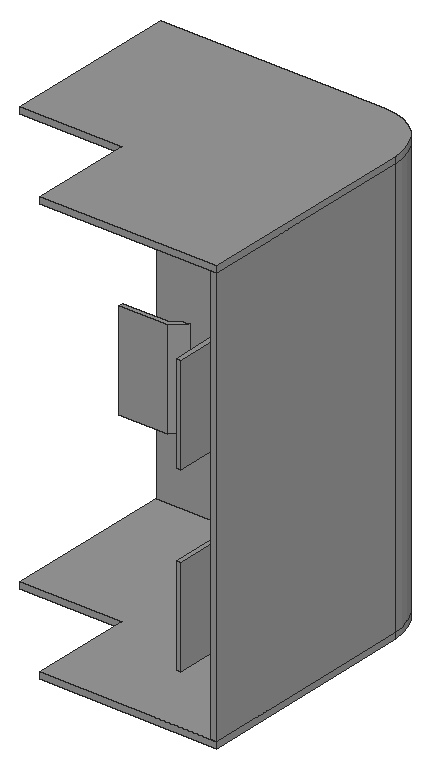
Revit family "Außeneckhaube WDK HA 60150RW", category Generic Models, Revit 2017
Family settings
  Can host rebar = No
  Round Connector Dimension = Use Diameter
  Part Type = Normal
  Work Plane-Based = No
  Always vertical = Yes
  Cut with Voids When Loaded = No
  Shared = No
  Room Calculation Point = No
Parameters (values of type "WDK HA60150RW")
  URL = "http://www.obo-bettermann.com"
  Material = Polyvinylchlorid
  Manufacturer Art.No. = "6192351"
  Manufacturer = "OBO BETTERMANN"
  GTIN = "4012196492312"
  Article Type = "WDK HA60150RW"
Reference planes
  plane 1 "Center (Front/Back)": y = 0
  plane 2: z = 0
  plane 3 "Center (Left/Right)": x = 0
  plane 4: y = 100
  plane 5: x = 100
  plane 6: z = 155
  plane 7: z = 152.8
  plane 8: z = 77.5
  plane 9: y = 100
  plane 10: x = 100
  plane 11: y = 95.3
  plane 12: x = 7
  plane 13: x = -10.178
  plane 14: z = 92.5
  plane 15: z = 62.5
  plane 16: z = 127.5
  plane 17: y = 95.3
  plane 18: x = 7
  plane 19: x = -10.178
  plane 20: through (0, 0, 1200) normal (-0.7071, 0.7071, 0)
  plane 21: x = 95.3
  plane 22: y = 7
  plane 23: y = -10.178
  plane 24: x = 95.3
  plane 25: y = 7
  plane 26: y = -10.178
Forms (mm)
  Extrusion 1, solid, material "Polyvinylchlorid" <- "Material"
    sketch origin (0, 0, 0) x (1, 0, 0) y (0, 1, 0)
      loop
        line (0, 100) -> (0, 36.6) -> (36.6, 36.6) -> (36.6, 0) -> (100, 0) -> (100, 80)
        arc (100, 80) -> (94.142, 94.142) -> (80, 100) r 20
        line (80, 100) -> (0, 100)
    from 152.8 to 155
  Extrusion 2, solid, material "Polyvinylchlorid" <- "Material"
    sketch origin (0, 0, -152.8) x (0, -1, 0) y (1, 0, 0)
      loop
        line (-100, 0) -> (-36.6, 0) -> (-36.6, 36.6) -> (0, 36.6) -> (0, 100) -> (-80, 100)
        arc (-80, 100) -> (-94.142, 94.142) -> (-100, 80) r 20
        line (-100, 80) -> (-100, 0)
    from 152.8 to 155
  Extrusion 3, solid, material "Polyvinylchlorid" <- "Material"
    sketch origin (0, 0, 0) x (1, 0, 0) y (0, 1, 0)
      loop
        line (0, 100) -> (0, 97.8) -> (80, 97.8)
        arc (80, 97.8) -> (92.587, 92.587) -> (97.8, 80) r 17.8
        line (97.8, 80) -> (97.8, 0) -> (100, 0) -> (100, 80)
        arc (100, 80) -> (94.142, 94.142) -> (80, 100) r 20
        line (80, 100) -> (0, 100)
    from 2.2 to 152.8
  Extrusion 4, solid, material "Polyvinylchlorid" <- "Material"
    sketch origin (0, 0, 0) x (1, 0, 0) y (0, 1, 0)
      loop
        line (6.956, 95.3) -> (-10.178, 95.3) -> (-10.178, 93.6) -> (7.642, 93.6) -> (11.842, 97.8) -> (9.522, 97.8) -> (6.956, 95.3)
    from 92.5 to 127.5
  Extrusion 5, solid, material "Polyvinylchlorid" <- "Material"
    sketch origin (0, 0, -30) x (0, -1, 0) y (1, 0, 0)
      loop
        line (-95.3, 6.956) -> (-95.3, -10.178) -> (-93.6, -10.178) -> (-93.6, 7.642) -> (-97.8, 11.842) -> (-97.8, 9.522) -> (-95.3, 6.956)
    from 92.5 to 57.5
  Extrusion 6, solid, material "Polyvinylchlorid" <- "Material"
    sketch origin (0, 0, 0) x (0, 1, 0) y (-1, 0, 0)
      loop
        line (6.956, -95.3) -> (9.522, -97.8) -> (11.842, -97.8) -> (7.642, -93.6) -> (-10.178, -93.6) -> (-10.178, -95.3) -> (6.956, -95.3)
    from 92.5 to 127.5
  Extrusion 7, solid, material "Polyvinylchlorid" <- "Material"
    sketch origin (0, 0, -30) x (1, 0, 0) y (0, 1, 0)
      loop
        line (95.3, 6.956) -> (97.8, 9.522) -> (97.8, 11.842) -> (93.6, 7.642) -> (93.6, -10.178) -> (95.3, -10.178) -> (95.3, 6.956)
    from 92.5 to 57.5
Dimensions and locks
  locked: Extrusion 1 sketch curve to Extrusion 1 sketch curve at 100  (x2)
  locked: Extrusion 1 sketch curve to Extrusion 1 sketch curve at 63.4  (x2)
  locked: plane 6 to level at 155
  locked: plane 6 to plane 8 at 77.5
  locked: Extrusion 2 sketch curve to Extrusion 2 sketch curve at 100  (x2)
  locked: Extrusion 2 sketch curve to Extrusion 2 sketch curve at 63.4  (x2)
  locked: Extrusion 3 sketch curve to Extrusion 1 at 2.2  (x2)
  locked: plane 11 to Extrusion 3 at 2.5
  locked: plane 13 to Extrusion 4 sketch curve at 19.7
  locked: Extrusion 4 sketch curve to Extrusion 4 sketch curve at 1.7
  locked: Extrusion 4 to Extrusion 4 at 35
  locked: plane 19 to Extrusion 5 sketch curve at 19.7
  locked: Extrusion 5 sketch curve to Extrusion 5 sketch curve at 1.7
  locked: Extrusion 5 to Extrusion 5 at 35
  locked: plane 23 to Extrusion 6 sketch curve at 19.7
  locked: Extrusion 6 sketch curve to Extrusion 6 sketch curve at 1.7
  locked: Extrusion 6 to Extrusion 6 at 35
  locked: plane 26 to Extrusion 7 sketch curve at 19.7
  locked: Extrusion 7 sketch curve to Extrusion 7 sketch curve at 1.7
  locked: Extrusion 7 to Extrusion 7 at 35
  aligned and locked: level to plane 2
  aligned and locked: plane 1 "Center (Front/Back)" to Extrusion 1
  aligned and locked: Extrusion 1 to plane 3 "Center (Left/Right)"
  aligned and locked: plane 6 to Extrusion 1
  aligned and locked: Extrusion 1 to plane 7
  aligned and locked: Extrusion 2 to level
  aligned and locked: Extrusion 2 to plane 3 "Center (Left/Right)"
  aligned and locked: plane 1 "Center (Front/Back)" to Extrusion 3 sketch curve
  aligned and locked: Extrusion 3 to plane 3 "Center (Left/Right)"
  aligned and locked: plane 1 "Center (Front/Back)" to Extrusion 3
  aligned and locked: Extrusion 3 to Extrusion 1
  aligned and locked: Extrusion 3 to Extrusion 2
  aligned and locked: plane 11 to Extrusion 4 sketch curve
  aligned and locked: Extrusion 4 sketch curve to plane 13
  aligned and locked: Extrusion 4 to Extrusion 3
  aligned and locked: Extrusion 4 to plane 14
  aligned and locked: plane 16 to Extrusion 4
  aligned and locked: Extrusion 5 sketch curve to plane 17
  aligned and locked: Extrusion 5 sketch curve to plane 19
  aligned and locked: Extrusion 5 to plane 15
  aligned and locked: Extrusion 4 to Extrusion 5
  aligned and locked: Extrusion 5 to Extrusion 4
  aligned and locked: Extrusion 6 sketch curve to plane 21
  aligned and locked: plane 23 to Extrusion 6 sketch curve
  aligned and locked: plane 24 to Extrusion 7 sketch curve
  aligned and locked: Extrusion 7 sketch curve to plane 26
  aligned and locked: plane 15 to Extrusion 7
  aligned and locked: Extrusion 6 to Extrusion 7  (x2)
Automatic sketch dimensions
  Extrusion 1 sketch curve to plane 3 "Center (Left/Right)" = 0 mm
  Extrusion 1 sketch curve to plane 4 = 0 mm
  Extrusion 1 sketch curve to plane 5 = 20 mm
  Extrusion 2 sketch curve to plane 9 = 0 mm
  Extrusion 2 sketch curve to plane 10 = 0 mm
  Extrusion 2 sketch curve to Extrusion 2 sketch curve = 20 mm
  Extrusion 3 sketch curve to Extrusion 3 sketch curve = 0 mm  (x2)
  Extrusion 3 sketch curve to plane 3 "Center (Left/Right)" = 0 mm
  Extrusion 3 sketch curve to Extrusion 3 sketch curve = 17.8 mm
  Extrusion 3 sketch curve to Extrusion 3 sketch curve = 2.2 mm
  Extrusion 4 sketch curve to plane 12 = 0.044 mm
  plane 12 to Extrusion 4 sketch curve = 0.642 mm
  Extrusion 4 sketch curve to Extrusion 4 sketch curve = 2.321 mm
  plane 11 to Extrusion 4 sketch curve = 2.5 mm
  plane 17 to Extrusion 5 sketch curve = 2.5 mm
  Extrusion 5 sketch curve to plane 18 = 0.044 mm
  plane 18 to Extrusion 5 sketch curve = 0.642 mm
  Extrusion 5 sketch curve to Extrusion 5 sketch curve = 2.321 mm
  plane 22 to Extrusion 6 sketch curve = 0.044 mm
  Extrusion 6 sketch curve to plane 22 = 0.642 mm
  Extrusion 6 sketch curve to Extrusion 6 sketch curve = 2.321 mm
  Extrusion 6 sketch curve to plane 21 = 2.5 mm
  plane 24 to Extrusion 7 sketch curve = 2.5 mm
  Extrusion 7 sketch curve to plane 25 = 0.044 mm
  plane 25 to Extrusion 7 sketch curve = 0.642 mm
  Extrusion 7 sketch curve to Extrusion 7 sketch curve = 2.321 mm
